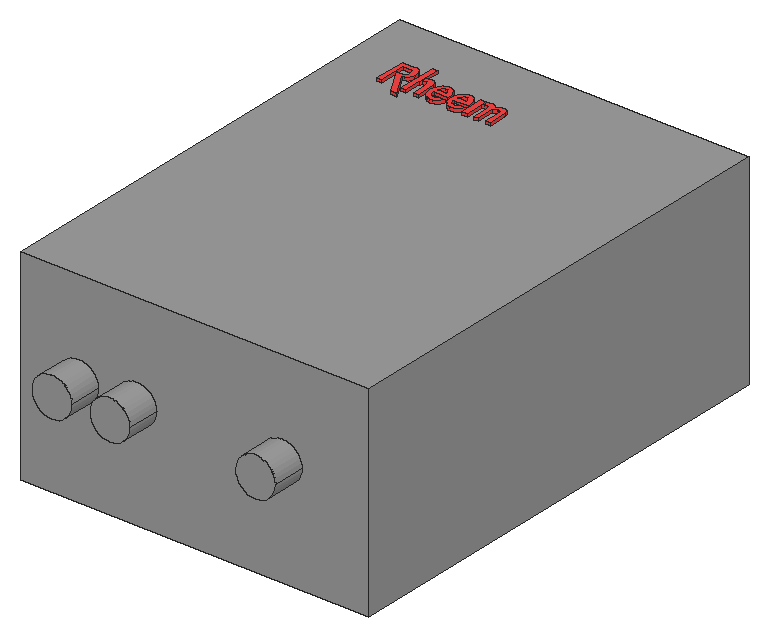
Revit family "DC_Rheem_PLM_940001UV_Disinfection", category Electrical Fixtures, host Face, Revit 2017
Family settings
  Host = Face
  Maintain Annotation Orientation = No
  Round Connector Dimension = Use Diameter
  Part Type = Normal
  Cut with Voids When Loaded = No
  Shared = No
  Room Calculation Point = No
Parameters
  Width_ANZRS = 265 mm
  URL = "http://www.rheem.com.au/CommercialProducts"
  PipeDia_ANZRS = 15 mm
  Model = "940001 UV Disinfection"
  Manufacturer = "Rheem"
  Height_ANZRS = 360 mm
  DesignBy_ANZRS = "GAH"
  Description = "Power Supply Cabinet"
  Depth_ANZRS = 155 mm
  Default Elevation = 0 mm
  CaseMaterial_ANZRS = Rheem - Plastic_ANZRS
  ApprovedBy_ANZRS = "DM"
Reference planes
  plane 1 "Center (Front/Back)": y = 0
  plane 2: z = 0
  plane 3 "Center (Left/Right)": x = 0
  plane 4: z = 82.811
Forms (mm)
  Extrusion 1, solid, material "Rheem - Plastic_ANZRS" <- "CaseMaterial_ANZRS"
    sketch origin (0, 0, 0) x (1, 0, 0) y (0, 1, 0)
      loop
        line (-132.5, 180) -> (-132.5, -180) -> (132.5, -180) -> (132.5, 180) -> (-132.5, 180)
    from 0 to 155 <- "Depth_ANZRS"
  Extrusion 2, solid, material "Rheem - Plastic_ANZRS" <- "CaseMaterial_ANZRS"
    sketch origin (132.5, -180, 0) x (-1, 0, 0) y (0, 0, -1)
      loop
        circle (220.833, -82.811) r 15
      loop
        circle (176.667, -82.811) r 15
      loop
        circle (66.25, -82.811) r 15
    from 0 to 25
Dimensions and locks
  equal spacing: Extrusion 1 sketch curve, plane 3 "Center (Left/Right)", Extrusion 1 sketch curve
  "Width_ANZRS": Extrusion 1 sketch curve to Extrusion 1 sketch curve
  equal spacing: Extrusion 1 sketch curve, plane 1 "Center (Front/Back)", Extrusion 1 sketch curve
  "Height_ANZRS": Extrusion 1 sketch curve to Extrusion 1 sketch curve
  equal spacing: Extrusion 1, Extrusion 2 sketch curve, Extrusion 2 sketch curve, plane 3 "Center (Left/Right)"
  equal spacing: Extrusion 1, Extrusion 2 sketch curve, plane 3 "Center (Left/Right)"
  Extrusion 1 to Extrusion 1 = 360 mm
  Extrusion 1 to Extrusion 1 = 265 mm
  "PipeDia_ANZRS": radius of Extrusion 2 sketch curve  (x3)
  aligned and locked: plane 2 to host face
  aligned and locked: level to host face
Automatic sketch dimensions
  host sketch curve to host sketch curve = 2438.4 mm  (x2)
  Extrusion 1 to Extrusion 2 sketch curve = 72.189 mm  (x2)
  Extrusion 2 sketch curve to Extrusion 2 sketch curve = 0 mm
Nested families
  nested 1: "Rheem Logo" at (-54.856, 112.493, 155), type "Rheem Logo"
Definition of nested family "Rheem Logo"
  Parameters
    Default Elevation = 1219.2 mm
    Assembly Code = ""
  Reference planes
    plane 1 "Center (Front/Back)": y = 0
    plane 2: z = 0
    plane 3 "Center (Left/Right)": x = 0
  Forms (mm)
    Extrusion 1, solid
      sketch origin (0, 0, 0) x (1, 0, 0) y (0, 1, 0)
        loop
          line (-1219.2, 1219.2) -> (-1219.2, -1219.2) -> (1219.2, -1219.2) -> (1219.2, 1219.2) -> (-1219.2, 1219.2)
      from 0 to -304.8
    Extrusion 2, solid
      sketch origin (0, 0, 0) x (1, 0, 0) y (0, 1, 0)
        loop
          line (-41.894, 1.214) -> (-38.082, 1.214) -> (-38.082, 21.599) -> (-32.234, 21.599)
          arc (-32.234, 21.599) -> (-29.693, 18.062) -> (-32.234, 14.524) r 3.733
          line (-32.234, 14.524) -> (-37.193, 14.524) -> (-25.503, -6.017) -> (-21.057, -6.017) -> (-31.586, 12.168)
          arc (-31.586, 12.168) -> (-27.821, 13.513) -> (-25.921, 17.03) r 5.582
          arc (-25.921, 17.03) -> (-25.719, 18.742) -> (-25.921, 20.454) r 7.357
          arc (-25.921, 20.454) -> (-28.207, 24.104) -> (-32.234, 25.629) r 6.75
          line (-32.234, 25.629) -> (-41.894, 25.629) -> (-41.894, 1.214)
        loop
          line (-23.226, 1.185) -> (-19.437, 1.185) -> (-19.437, 13.012)
          arc (-19.437, 13.012) -> (-19.128, 14.152) -> (-18.458, 15.124) r 3.499
          arc (-18.458, 15.124) -> (-15.383, 15.705) -> (-13.789, 13.012) r 2.726
          line (-13.789, 13.012) -> (-13.789, 1.24) -> (-10.243, 1.24) -> (-10.243, 15.292)
          arc (-10.243, 15.292) -> (-11.786, 18.511) -> (-15.149, 19.709) r 4.688
          arc (-15.149, 19.709) -> (-17.647, 19.107) -> (-19.481, 17.308) r 4.826
          line (-19.481, 17.308) -> (-19.481, 30.829) -> (-23.226, 30.829) -> (-23.226, 1.185)
        loop
          line (23.175, 1.163) -> (26.995, 1.163) -> (26.995, 13.552)
          spline (26.995, 13.552) -> (27.371, 14.564) -> (27.804, 15.069) -> (28.281, 15.418) -> (28.811, 15.632) -> (29.379, 15.725) -> (29.95, 15.717) -> (30.497, 15.616) -> (30.99, 15.417) -> (31.391, 15.11) -> (31.695, 14.668) -> (31.964, 14.008) -> (32.183, 12.765)
          line (32.183, 12.765) -> (32.183, 1.163) -> (35.718, 1.163) -> (35.718, 13.552)
          spline (35.718, 13.552) -> (36.109, 14.517) -> (36.554, 15.006) -> (37.052, 15.326) -> (37.59, 15.559) -> (38.152, 15.707) -> (38.721, 15.73) -> (39.268, 15.631) -> (39.76, 15.428) -> (40.161, 15.119) -> (40.465, 14.673) -> (40.735, 14.008) -> (40.954, 12.758)
          line (40.954, 12.758) -> (40.954, 1.163) -> (44.476, 1.163) -> (44.476, 15.299)
          spline (44.476, 15.299) -> (43.848, 17.29) -> (43.019, 18.22) -> (42.37, 18.702) -> (41.804, 19.017) -> (41.149, 19.264) -> (40.313, 19.428) -> (39.374, 19.465) -> (38.467, 19.368) -> (37.722, 19.168) -> (37.096, 18.83) -> (36.406, 18.243) -> (35.372, 17.031)
          spline (35.372, 17.031) -> (34.429, 18.123) -> (33.829, 18.62) -> (33.238, 18.972) -> (32.579, 19.243) -> (31.849, 19.438) -> (31.208, 19.538) -> (30.654, 19.537) -> (29.928, 19.446) -> (29.163, 19.24) -> (28.532, 18.893) -> (27.886, 18.393) -> (26.982, 17.161)
          line (26.982, 17.161) -> (26.982, 19.137) -> (23.175, 19.137) -> (23.175, 1.163)
        loop
          line (-4.847, 12.542) -> (2.427, 12.542)
          spline (2.427, 12.542) -> (1.763, 14.183) -> (1.301, 14.891) -> (0.805, 15.438) -> (0.245, 15.904) -> (-0.324, 16.216) -> (-1.038, 16.34) -> (-1.827, 16.292) -> (-2.465, 16.063) -> (-2.917, 15.675) -> (-3.427, 15.167) -> (-4.048, 14.327) -> (-4.847, 12.542)
        loop
          line (-4.9, 9.047) -> (6.017, 9.047)
          spline (6.017, 9.047) -> (5.705, 13.107) -> (4.905, 15.268) -> (3.688, 17.194) -> (1.99, 18.63) -> (-0.152, 19.603) -> (-2.058, 19.605) -> (-4.184, 18.763) -> (-5.86, 17.359) -> (-7.198, 15.418) -> (-8.007, 13.176) -> (-8.32, 10.92) -> (-7.964, 7.03)
          spline (-7.964, 7.03) -> (-6.832, 4.362) -> (-5.715, 2.918) -> (-4.556, 1.919) -> (-3.443, 1.286) -> (-2.241, 0.913) -> (-0.925, 0.787) -> (0.345, 0.947) -> (1.513, 1.391) -> (2.668, 2.062) -> (3.767, 2.962) -> (4.809, 4.177) -> (5.833, 6.548)
          line (5.833, 6.548) -> (2.04, 6.548)
          spline (2.04, 6.548) -> (1.056, 5.131) -> (0.367, 4.642) -> (-0.297, 4.355) -> (-0.96, 4.223) -> (-1.562, 4.241) -> (-2.284, 4.517) -> (-3.007, 4.961) -> (-3.495, 5.411) -> (-3.891, 5.947) -> (-4.296, 6.68) -> (-4.648, 7.691) -> (-4.9, 9.047)
        loop
          line (10.749, 12.229) -> (18.023, 12.229)
          spline (18.023, 12.229) -> (17.358, 13.871) -> (16.897, 14.578) -> (16.4, 15.125) -> (15.841, 15.591) -> (15.271, 15.904) -> (14.557, 16.027) -> (13.768, 15.979) -> (13.131, 15.75) -> (12.679, 15.363) -> (12.168, 14.855) -> (11.547, 14.015) -> (10.749, 12.229)
        loop
          line (10.735, 9.008) -> (21.652, 9.008)
          spline (21.652, 9.008) -> (21.34, 13.068) -> (20.54, 15.228) -> (19.323, 17.155) -> (17.625, 18.591) -> (15.482, 19.564) -> (13.577, 19.566) -> (11.45, 18.724) -> (9.775, 17.319) -> (8.437, 15.379) -> (7.627, 13.137) -> (7.315, 10.881) -> (7.671, 6.991)
          spline (7.671, 6.991) -> (8.803, 4.323) -> (9.919, 2.879) -> (11.079, 1.88) -> (12.192, 1.247) -> (13.394, 0.874) -> (14.71, 0.748) -> (15.98, 0.908) -> (17.147, 1.352) -> (18.303, 2.023) -> (19.402, 2.923) -> (20.444, 4.138) -> (21.468, 6.509)
          line (21.468, 6.509) -> (17.675, 6.509)
          spline (17.675, 6.509) -> (16.691, 5.092) -> (16.002, 4.603) -> (15.338, 4.316) -> (14.675, 4.184) -> (14.073, 4.202) -> (13.351, 4.478) -> (12.627, 4.922) -> (12.14, 5.371) -> (11.743, 5.908) -> (11.339, 6.641) -> (10.986, 7.652) -> (10.735, 9.008)
      from 0 to 2
  Dimensions and locks
    aligned and locked: plane 2 to Extrusion 1
    aligned and locked: level to Extrusion 1
